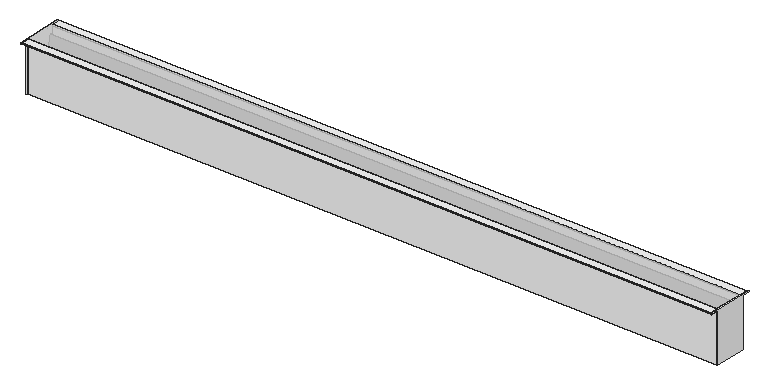
Revit family "2093133 Sylvania Lighting Fixture MC2 TRIM 1-2M 3K DALI WHT OPAL", category Lighting Fixtures, host Face, Revit 2016
Family settings
  Host = Face
  Part Type = Normal
  Round Connector Dimension = Use Diameter
  OmniClass Number = 23.80.70.11.17
  OmniClass Title = Specialized Lighting by Location or Use
  Cut with Voids When Loaded = No
  Light Source = Yes
  Shared = No
  Room Calculation Point = No
Parameters (values of type "2093133 MC2 TRIM 1.2M 3K DALI WHT OPAL")
  Width_SYL = 54.0 mm
  Weight = "2.8 kg"
  Wattage = 20.97 W
  WarrantyStartDate [instance] = "n/a"
  WarrantyGuarantorParts = "n/a"
  WarrantyDurationUnit = "n/a"
  WarrantyDurationParts = "n/a"
  WarrantyDescription = "n/a"
  built-in parameter 1150110 = 1 (stored number, unit not read)
  Voltage = 0 V
  URL = "http://www.sylvania-lighting.com"
  TypeName = "MC2 TRIM 1.2M 3K DALI WHT OPAL"
  built-in parameter 1114217 = 1 (stored number, unit not read)
  Tilt Angle = -90.00°
  built-in parameter 1150109 = 1 (stored number, unit not read)
  built-in parameter 1150134 = (empty or 0)
  built-in parameter 1150113 = 1 (stored number, unit not read)
  SerialNumber [instance] = "n/a"
  PowerFactor = 0.98
  PowerConsumption = "20.97 W"
  NominalWidth = 0.0 mm
  NominalLength = 1200.0 mm
  NominalHeight = 86.0 mm
  Name = "MC2 TRIM 1.2M 3K DALI WHT OPAL"
  ModelReference = "MC2 TRIM 1.2M 3K DALI WHT OPAL"
  ModelNumber = "2093133"
  Material_3_SYL = Metal_Sylvania_Mini Contiuum II_Silver
  Photometric Web File = "2093133.ies"
  Material = "aluminium housing, polycarbonate diffuser"
  ManufacturerName = "Feilo Sylvania"
  LuminousEfficacy = "105 lm/W"
  LuminaireType = ""
  LightOutputRatio = "100"
  Length_SYL = 1200.0 mm
  LampsType = Lamp  # "LED"
  LampNominalLuminous = "2207 lm"
  LampMacAdamStep = "3"
  LampColourTemperature = "3000 K"
  LampColourRenderingIndex = "80"
  Keynote = "16500"
  InstallationDate [instance] = "n/a"
  InputVoltage = "n/a"
  InputNominalFrequency = "n/a"
  IngressProtection = "IP20"
  ImpactProtectionIndex = "n/a"
  IfcExportType = "IfcLightFixtureType"
  IfcExportAs = "IfcLightFixtureType"
  Height_SYL = 86.0 mm
  ExpectedLife = 50000
  EndCapRight_SYL [instance] = yes
  EndCapLeft_SYL [instance] = yes
  Emit from Rectangle Width = Width_SYL - 2.0 mm  # 52.0 mm
  Emit from Rectangle Length = Length_SYL  # 1200.0 mm
  Emit Shape Visible in Rendering = no
  ElectricShockClassification = "Class I"
  DurationUnit = "hours"
  DocumentationLiterature = "http://www.sylvania-lighting.com/product/en-int/products/2093133"
  DimmingControlOptions = "n/a"
  CreatedOn = "10/15/2018"
  CreatedBy = "@sylvania-lighting.com"
  built-in parameter 1114216 [instance] = 1 (stored number, unit not read)
  Model = "MC2 TRIM 1.2M 3K DALI WHT OPAL"
  Manufacturer = "Feilo Sylvania"  # constant formula
  built-in parameter 1150105 = 175.22 (stored number, unit not read)
  Lumens = 2201.85 lm
  built-in parameter 1150115 = 1 (stored number, unit not read)
  built-in parameter 1150137 = (empty or 0)
  built-in parameter 1150139 = (empty or 0)
  built-in parameter 1150112 = 1 (stored number, unit not read)
  built-in parameter 1150114 = 1 (stored number, unit not read)
  Lamp = "LED"
  built-in parameter 1150132 = 2
  built-in parameter 1150102 = (empty or 0)
  built-in parameter 1150107 = 3000 (stored number, unit not read)
  built-in parameter 1150138 = (empty or 0)
  built-in parameter 1150106 = 1.7522 (stored number, unit not read)
  Material_1_SYL = Metal_Sylvania_Mini Continuum II_White
  built-in parameter 1150104 = 9.7548 (stored number, unit not read)
  Dimming Lamp Color Temperature Shift = <None>
  Material_2_SYL = Polycarbonate_Sylvania_Mini Continuum II_Opal_4000K
  Description = "Mini Continuum II introduces a uniquely clean, simple LED lighting system offering continuous, highly uniform lines of light across walls and ceilings. This highly versatile lighting tool can be recessed, semi-recessed, surface-mounted or suspended, either vertically or horizontally. Available as direct/indirect or direct only distribution - both of which can be interconnected. Every batten has a plug and socket arrangement for easy and rapid electrical installation. Mini Continuum II Direct is available in two versions: one with an outside trim detail for plasterboard ceilings; and a trimless version for when a seamless effect is required. Dimmable DALI versions and 3hr non-maintained integral emergency options are available as standard options"  # constant formula
  Default Elevation = 0.0 mm
  Color Filter = 16777215
  built-in parameter 1140040 [instance] = 1
  BarCode [instance] = "n/a"
  built-in parameter 1114218 = 1 (stored number, unit not read)
  built-in parameter 1150133 = 10 (stored number, unit not read)
  AssetType = "Fixed"
  AssetIdentifier [instance] = "n/a"
  Assembly Code = "D5020200"
  Apparent Load = 20.97 VA
Reference planes
  plane 1 "Center (Front/Back)": y = 0
  plane 2 "Bottom Fixtures": z = 0
  plane 3 "Center (Left/Right)": x = 0
  plane 4 "Fixture Left": x = -600
  plane 5 "Fixture Right": x = 600
  plane 6 "Fixture Bottom": z = 2
  plane 7: z = 0
  plane 8: z = -2
  plane 9: z = -11.049
  plane 10: z = -41.049
  plane 11 "Fixture Top": z = -84
  plane 12: y = 27
  plane 13: y = -27
  plane 14: y = -26
  plane 15: y = -25
  plane 16: y = 26
  plane 17: y = 25
  plane 18: y = 11
  plane 19: y = -11
  plane 20: y = 24
  plane 21: y = 22
  plane 22: y = -22
  plane 23: y = 15
  plane 24: y = -15
  plane 25: y = 40
  plane 26: y = -40
  plane 27: x = -602
  plane 28: x = 602
Forms (mm)
  Extrusion 1, solid, material "Metal_Sylvania_Mini Continuum II_White" <- "Material_1_SYL", detail levels fine
    sketch origin (0, 0, -84) x (0, 1, 0) y (0, 0, 1)
      loop
        line (27, 84) -> (40, 84) -> (40, 86) -> (26, 86) -> (26, 84) -> (25, 84) -> (25, 2) -> (13, 2) -> (13, 4) -> (-13, 4) -> (-13, 2) -> (-25, 2) -> (-25, 84) -> (-26, 84) -> (-26, 86) -> (-40, 86) -> (-40, 84) -> (-27, 84) -> (-27, 0) -> (-11, 0) -> (-11, 2) -> (11, 2) -> (11, 0) -> (27, 0) -> (27, 84)
    from -600 to 600
  Extrusion 2, solid, material "Polycarbonate_Sylvania_Mini Continuum II_Opal_4000K" <- "Material_2_SYL", detail levels fine
    sketch origin (0, 0, -84) x (0, 1, 0) y (0, 0, 1)
      loop
        line (-26, 86) -> (-26, 84) -> (26, 84) -> (26, 86) -> (-26, 86)
    from -600 to 600
  Extrusion 3, solid, material "Metal_Sylvania_Mini Contiuum II_Silver" <- "Material_3_SYL", detail levels fine
    sketch origin (0, 0, -84) x (0, 1, 0) y (0, 0, 1)
      loop
        line (22, 72.951) -> (20.973, 72.951) -> (14.206, 43.951) -> (-14.206, 43.951) -> (-20.973, 72.951) -> (-22, 72.951) -> (-15, 42.951) -> (15, 42.951) -> (22, 72.951)
    from -600 to 600
  Extrusion 4, solid, material "Metal_Sylvania_Mini Continuum II_White" <- "Material_1_SYL", detail levels coarse+medium
    sketch origin (0, 0, -84) x (0, 1, 0) y (0, 0, 1)
      loop
        line (-27, 86) -> (-27, 0) -> (27, 0) -> (27, 86) -> (-27, 86)
    from -600 to 600
  Extrusion 5, solid, material "Metal_Sylvania_Mini Continuum II_White" <- "Material_1_SYL", detail levels coarse+medium
    sketch origin (0, 0, -84) x (0, 1, 0) y (0, 0, 1)
      loop
        line (40, 86) -> (27, 86) -> (27, 84) -> (40, 84) -> (40, 86)
      loop
        line (-27, 86) -> (-40, 86) -> (-40, 84) -> (-27, 84) -> (-27, 86)
    from -600 to 600
  Extrusion 6, void
    sketch origin (0, 0, 0) x (0, 1, 0) y (0, 0, 1)
      loop
        line (27, 0) -> (-27, 0) -> (-27, -84) -> (27, -84) -> (27, 0)
    from -600 to 600
  Extrusion 7, solid, material "Metal_Sylvania_Mini Continuum II_White" <- "Material_1_SYL", visible <- "EndCapLeft_SYL"
    sketch origin (-600, 171.684, 1219.2) x (0, 1, 0) y (0, 0, 1)
      loop
        line (-198.684, -1219.2) -> (-198.684, -1303.2) -> (-144.684, -1303.2) -> (-144.684, -1219.2) -> (-131.684, -1219.2) -> (-131.684, -1217.2) -> (-211.684, -1217.2) -> (-211.684, -1219.2) -> (-198.684, -1219.2)
    from 0 to -2
  Extrusion 8, solid, material "Metal_Sylvania_Mini Continuum II_White" <- "Material_1_SYL", visible <- "EndCapRight_SYL"
    sketch origin (600, 171.684, 1219.2) x (0, 1, 0) y (0, 0, -1)
      loop
        line (-131.684, 1217.2) -> (-131.684, 1219.2) -> (-144.684, 1219.2) -> (-144.684, 1303.2) -> (-198.684, 1303.2) -> (-198.684, 1219.2) -> (-211.684, 1219.2) -> (-211.684, 1217.2) -> (-131.684, 1217.2)
    from 0 to -2
Lines and regions (mm)
  Masking region 1
    outline origin (0, 0, -86) x (-1, 0, 0) y (0, -1, 0)
      loop
        line (600, -40) -> (600, 40) -> (-600, 40) -> (-600, -40) -> (600, -40)
  symbolic lines, detail levels fine
    curve 1: line (-600, 27, -86) -> (600, 27, -86)
    curve 2: line (-600, -27, -86) -> (600, -27, -86)
Dimensions and locks
  host sketch curve to plane 3 "Center (Left/Right)" to host sketch curve = 1260.0 mm, 1259.41 mm
  equal spacing: plane 4 "Fixture Left", plane 3 "Center (Left/Right)", plane 5 "Fixture Right"
  "Length_SYL": plane 4 "Fixture Left" to plane 5 "Fixture Right"
  plane 6 "Fixture Bottom" to plane 7 to plane 8 to plane 9 to plane 10 = 2.0 mm locked, 2.0 mm locked, 9.049 mm locked, 30.0 mm locked
  locked: Extrusion 1 sketch curve to Extrusion 1 sketch curve at 2
  "Height_SYL": plane 6 "Fixture Bottom" to plane 11 "Fixture Top"
  equal spacing: plane 12, plane 1 "Center (Front/Back)", plane 13
  plane 19 to plane 24 to plane 22 to plane 15 to plane 14 to plane 13 to plane 26 = 4.0 mm locked, 7.0 mm locked, 3.0 mm locked, 1.0 mm locked, 1.0 mm locked, 13.0 mm locked
  plane 25 to plane 12 to plane 16 to plane 17 to plane 20 to plane 21 to plane 23 to plane 18 = 13.0 mm locked, 1.0 mm locked, 1.0 mm locked, 1.0 mm locked, 2.0 mm locked, 7.0 mm locked, 4.0 mm locked
  "Width_SYL": plane 12 to plane 13
  equal spacing: plane 27, plane 3 "Center (Left/Right)", plane 28
  locked: plane 27 to plane 4 "Fixture Left" at 2
  aligned and locked: plane 2 "Bottom Fixtures" to host face
  aligned and locked: level to host face
  aligned and locked: Extrusion 1 sketch curve to plane 7  (x2)
  aligned and locked: plane 6 "Fixture Bottom" to Extrusion 1 sketch curve  (x2)
  aligned and locked: plane 7 to Extrusion 1 sketch curve
  aligned and locked: Extrusion 1 to Extrusion 2 sketch curve
  aligned and locked: Extrusion 2 sketch curve to Extrusion 1  (x3)
  aligned and locked: Extrusion 3 sketch curve to plane 10
  aligned and locked: plane 9 to Extrusion 3 sketch curve
  aligned and locked: Extrusion 3 sketch curve to plane 9
  aligned and locked: Extrusion 4 sketch curve to plane 6 "Fixture Bottom"
  aligned and locked: Extrusion 5 sketch curve to Extrusion 1  (x6)
  aligned and locked: Extrusion 4 to Extrusion 5 sketch curve
  aligned and locked: Extrusion 5 sketch curve to Extrusion 4
  aligned and locked: Extrusion 1 to Extrusion 6 sketch curve
  aligned and locked: Extrusion 6 sketch curve to Extrusion 1
  aligned and locked: Extrusion 6 sketch curve to plane 11 "Fixture Top"
  aligned and locked: Extrusion 6 sketch curve to plane 13
  aligned and locked: Extrusion 6 to plane 5 "Fixture Right"
  aligned and locked: plane 6 "Fixture Bottom" to imposter light
  aligned and locked: Masking region 1 sketch curve to Extrusion 1  (x4)
  aligned and locked: plane 5 "Fixture Right" to curve 1
  aligned and locked: plane 4 "Fixture Left" to curve 1
  aligned and locked: plane 12 to curve 1
  aligned and locked: plane 4 "Fixture Left" to curve 2
  aligned and locked: plane 5 "Fixture Right" to curve 2
  aligned and locked: curve 2 to plane 13
  aligned and locked: Extrusion 4 to plane 5 "Fixture Right"
  aligned and locked: Extrusion 1 to plane 5 "Fixture Right"
  aligned and locked: Extrusion 3 to plane 5 "Fixture Right"
  aligned and locked: Extrusion 4 to plane 4 "Fixture Left"
  aligned and locked: Extrusion 1 to plane 4 "Fixture Left"
  aligned and locked: Extrusion 3 to plane 4 "Fixture Left"
  aligned and locked: Extrusion 2 to plane 5 "Fixture Right"
  aligned and locked: Extrusion 5 to plane 5 "Fixture Right"
  aligned and locked: Extrusion 5 to plane 4 "Fixture Left"
  aligned and locked: Extrusion 2 to plane 4 "Fixture Left"
  aligned and locked: Extrusion 6 to plane 4 "Fixture Left"
  aligned and locked: Extrusion 4 to Extrusion 7 sketch curve
  aligned and locked: Extrusion 7 sketch curve to Extrusion 4  (x2)
  aligned and locked: Extrusion 7 sketch curve to Extrusion 5  (x4)
  aligned and locked: plane 6 "Fixture Bottom" to Extrusion 7 sketch curve
  aligned and locked: Extrusion 7 to plane 27
  aligned and locked: plane 4 "Fixture Left" to Extrusion 7
  aligned and locked: Extrusion 8 sketch curve to Extrusion 7  (x8)
  aligned and locked: plane 28 to Extrusion 8
  aligned and locked: plane 5 "Fixture Right" to Extrusion 8
Automatic sketch dimensions
  host sketch curve to host sketch curve = 1047.463 mm
  Extrusion 1 sketch curve to plane 26 = 0.0 mm
  Extrusion 1 sketch curve to plane 13 = 0.0 mm
  Extrusion 1 sketch curve to plane 14 = 0.0 mm
  Extrusion 1 sketch curve to plane 15 = 0.0 mm
  Extrusion 1 sketch curve to plane 19 = 0.0 mm
  Extrusion 1 sketch curve to plane 18 = 0.0 mm
  Extrusion 1 sketch curve to plane 17 = 0.0 mm
  Extrusion 1 sketch curve to plane 16 = 0.0 mm
  Extrusion 1 sketch curve to level = 0.0 mm
  Extrusion 1 sketch curve to plane 12 = 0.0 mm
  Extrusion 1 sketch curve to plane 25 = 0.0 mm
  Extrusion 1 sketch curve to plane 11 "Fixture Top" = 0.0 mm  (x2)
  Extrusion 1 sketch curve to plane 19 = 2.0 mm
  Extrusion 1 sketch curve to plane 18 = 2.0 mm
  plane 11 "Fixture Top" to Extrusion 1 sketch curve = 2.0 mm  (x3)
  Extrusion 3 sketch curve to plane 22 = 0.0 mm
  Extrusion 3 sketch curve to plane 24 = 0.0 mm
  Extrusion 3 sketch curve to plane 23 = 0.0 mm
  Extrusion 3 sketch curve to plane 21 = 0.0 mm
  plane 10 to Extrusion 3 sketch curve = 1.0 mm
  Extrusion 3 sketch curve to Extrusion 3 sketch curve = 1.027 mm  (x2)
  plane 24 to Extrusion 3 sketch curve = 0.794 mm
  plane 23 to Extrusion 3 sketch curve = 0.794 mm
  Extrusion 4 sketch curve to plane 11 "Fixture Top" = 0.0 mm
  Extrusion 4 sketch curve to plane 13 = 0.0 mm
  Extrusion 4 sketch curve to plane 12 = 0.0 mm
Connectors
  electrical at (-600, 0, 0), driven by "Apparent Load"
    settings: index 1, voltage 230 V, apparent load 0 VA, apparent load phase1 20.97 VA, apparent load phase2 0 VA, apparent load phase3 0 VA, power factor 1, load classification "Lighting", number of poles 1, system type 31, power factor state 1, is connector primary yes, connector utility no, sub classification motor no, connector description ""
